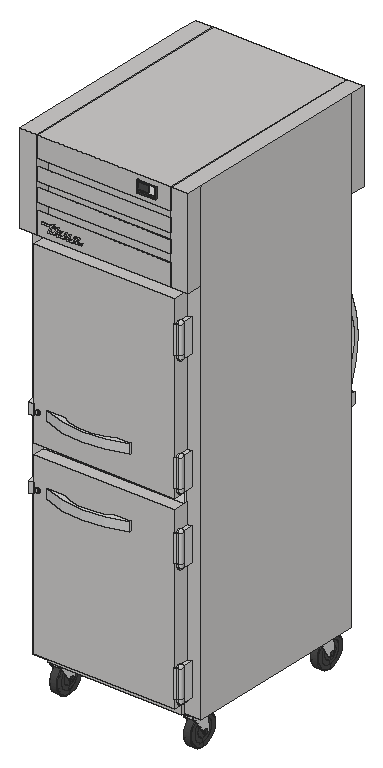
Revit family "QF_TRUE_STG1RPT-2HS-1G-HC", category Specialty Equipment, Revit 2012
Parameters
  Weight in Pounds = 0
  Watts = Volts * FL Amps  # 437 W
  Volts = 115 V
  URL Manufacturer = "www.truemfg.com"
  URL Cutsheet = "www.truemfg.com"
  URL = "www.truemfg.com"
  Type Comments = "www.truemfg.com"
  Status [instance] = ""
  Specification by User [instance] = ""
  Specification by Manufacturer = ""
  Show Seismic Flanged [instance] = no
  Show Logo [instance] = yes
  Show Legs [instance] = no
  Show Clearance [instance] = yes
  Serial Number = ""
  Seismic Rating = ""
  Seismic Plate [instance] = and(Show Seismic Flanged, not(Show Casters))  # no
  SMACNA No = ""
  Revision Code [instance] = ""
  Phase = 1
  Omniclass Number and Title = ""
  Number of Poles [instance] = 1
  NAFEM Spec ID Number = ""
  Model = "STG1RPT-2HS-1G-HC"
  Min Ckt Ampacity = 15 A
  Max Overcurrent Protection = 15 A
  Masterspec = ""
  Manufacturer = "TRUE FOOD SERVICE EQUIPMENT, INC."
  Length = 27 1/2"
  Legs [instance] = or(Show Legs, Show Seismic Flanged)  # no
  Item Number [instance] = ""
  Installed By [instance] = ""
  Identify Quantity as Lot [instance] = yes
  Height = 77 3/4"
  HP = "1/4"
  Furnished By [instance] = ""
  Foodservice Equipment Identifier [instance] = yes
  FL Amps = 3.8 A
  Electrical Remarks [instance] = ""
  Electric Connection Type [instance] = ""
  Elec Conn RI Height [instance] = 0"
  Elec Conn Connection Height [instance] = 0"
  Description = "PASS-THRU SOLID HALF FRONT/GLASS REAR SWING DOORS REFRIGERATOR WITH HYDROCARBON REFRIGERANT WITH LED LIGHTING"
  Depth = 36 1/8"
  Cycle = 60 Hz
  Conn Plug = "5-15P"
  Conn Conduit = yes
  Show Casters [instance] = if(not(Show Legs), not(Show Seismic Flanged), not(Show Legs))  # yes
  CSI MasterFormat = ""
  CSI Master Format = ""
  Apparent Power = if(Phase = 3, Volts * FL Amps * 1.73, Volts * FL Amps)  # 437 VA
Reference planes (in)
  plane 1: z = 0
  plane 2 "LEFT": x = 0
  plane 3 "RIGHT": x = 27.5
  plane 4 "FRONT": y = -33.375
  plane 5 "TOP": z = 84.125
  plane 6: z = 6.125
  plane 7: y = -33.3292
  plane 8: y = 2.75
  plane 9: y = -56.40625
  plane 10: y = 25.78125
Forms (in)
  Extrusion 1, solid, material "QF_Finishes_Stainless Steel"
    sketch origin (0.05, 0, 0) x (1, 0, 0) y (0, 1, 0)
      loop
        line (-0.05, 0) -> (-0.05, -30.625) -> (2.80938, -30.625) -> (2.80938, 0) -> (-0.05, 0)
    from 6.125 to 84.125
  Extrusion 2, solid, material "QF_Finishes_Stainless Steel"
    sketch origin (50.15, 0, 0) x (1, 0, 0) y (0, 1, 0)
      loop
        line (-25.50937, 0) -> (-25.50937, -30.625) -> (-22.65, -30.625) -> (-22.65, 0) -> (-25.50937, 0)
    from 6.125 to 84.125
  Extrusion 3, solid, material "QF_Finishes_Stainless Steel"
    sketch origin (0, 0, 0) x (0, 1, 0) y (0, 0, 1)
      loop
        line (-33.1875, 69.5) -> (-30.625, 69.5) -> (-30.625, 64.75) -> (0, 64.75) -> (0, 69.5) -> (2.5625, 69.5) -> (2.5625, 73.02638) -> (0.59159, 71.625) -> (0.59159, 72.90057) -> (2.5625, 74.30195) -> (2.5625, 76.39816) -> (0.59159, 74.99678) -> (0.59159, 75.95754) -> (2.5625, 77.35892) -> (2.5625, 79.49263) -> (0.59159, 78.09125) -> (0.59159, 79.21352) -> (2.5625, 80.6149) -> (2.5625, 84.125) -> (-33.1875, 84.125) -> (-33.1875, 80.68002) -> (-31.125, 79.21352) -> (-31.125, 78.09125) -> (-33.1875, 79.55776) -> (-33.1875, 77.42405) -> (-31.125, 75.95754) -> (-31.125, 74.99678) -> (-33.1875, 76.46328) -> (-33.1875, 74.36708) -> (-31.125, 72.90057) -> (-31.125, 71.625) -> (-33.1875, 73.09151) -> (-33.1875, 69.5)
      loop
        line (-31, 6.125) -> (0, 6.125) -> (0, 8.94743) -> (-31, 8.94743) -> (-31, 6.125)
    from 2.85938 to 24.64063
  Extrusion 4, solid, material "QF_Finishes_Stainless Steel"
    sketch origin (0.10531, 0, 0) x (1, 0, 0) y (0, 1, 0)
      loop
        line (27.34782, -30.625) -> (24.53532, -30.625) -> (24.53532, -33.1875) -> (27.34782, -33.1875) -> (27.34782, -30.625)
    from 69.5 to 84.125
  Extrusion 5, solid, material "QF_Finishes_Stainless Steel"
    sketch origin (-50.19421, 0, 0.25) x (1, 0, 0) y (0, 1, 0)
      loop
        line (53.05359, -30.625) -> (50.24109, -30.625) -> (50.24109, -33.1875) -> (53.05359, -33.1875) -> (53.05359, -30.625)
    from 69.25 to 83.875
  Extrusion 6, solid, material "QF_Finishes_Handrails and Railings", visible <- "Show Logo"
    sketch origin (0.33478, 1.45673, -6.73143) x (1, 0, 0) y (0, 0, 1)
      loop
        line (3.46044, 78.46231) -> (3.35478, 78.23573) -> (4.76027, 78.23573)
        arc (4.76027, 78.23573) -> (4.78879, 78.18528) -> (4.76027, 78.13484) r 0.05887
        line (4.76027, 78.13484) -> (4.39369, 77.34872)
        arc (4.39369, 77.34872) -> (4.39051, 77.27591) -> (4.43975, 77.22217) r 0.09523
        line (4.43975, 77.22217) -> (5.33844, 77.22217)
        arc (5.33844, 77.22217) -> (5.45192, 77.25795) -> (5.52436, 77.35235) r 0.19785
        line (5.52436, 77.35235) -> (5.81285, 77.97101) -> (6.0779, 77.97101)
        arc (6.0779, 77.97101) -> (6.14744, 77.94543) -> (6.13737, 77.87203) r 0.05911
        line (6.13737, 77.87203) -> (5.89598, 77.35437)
        arc (5.89598, 77.35437) -> (5.89974, 77.2684) -> (5.97231, 77.22217) r 0.09318
        line (5.97231, 77.22217) -> (6.76198, 77.22217)
        arc (6.76198, 77.22217) -> (6.82249, 77.24419) -> (6.85468, 77.29995) r 0.09412
        arc (6.85468, 77.29995) -> (6.87746, 77.24495) -> (6.93246, 77.22217) r 0.07778
        line (6.93246, 77.22217) -> (7.43246, 77.22217)
        arc (7.43246, 77.22217) -> (7.49022, 77.23765) -> (7.53251, 77.27993) r 0.11552
        arc (7.53251, 77.27993) -> (7.55275, 77.23106) -> (7.60162, 77.21081) r 0.06912
        line (7.60162, 77.21081) -> (8.31225, 77.21081)
        arc (8.31225, 77.21081) -> (8.37034, 77.23488) -> (8.39441, 77.29297) r 0.08216
        arc (8.39441, 77.29297) -> (8.44767, 77.23972) -> (8.52042, 77.22022) r 0.14551
        line (8.52042, 77.22022) -> (9.85158, 77.22022) -> (9.99946, 77.47634) -> (8.65678, 77.47634)
        arc (8.65678, 77.47634) -> (8.61972, 77.50204) -> (8.61834, 77.54711) r 0.05009
        line (8.61834, 77.54711) -> (8.64157, 77.59692)
        arc (8.64157, 77.59692) -> (8.67723, 77.64364) -> (8.73327, 77.66135) r 0.09747
        line (8.73327, 77.66135) -> (9.16485, 77.66135)
        arc (9.16485, 77.66135) -> (9.258, 77.68631) -> (9.32619, 77.7545) r 0.1863
        line (9.32619, 77.7545) -> (9.45119, 77.97101)
        arc (9.45119, 77.97101) -> (9.45119, 78.08657) -> (9.35111, 78.14434) r 0.11556
        line (9.35111, 78.14434) -> (8.89562, 78.14434)
        arc (8.89562, 78.14434) -> (8.7795, 78.12462) -> (8.69849, 78.03912) r 0.18605
        line (8.69849, 78.03912) -> (8.48204, 77.57493)
        arc (8.48204, 77.57493) -> (8.41815, 77.49167) -> (8.31806, 77.46011) r 0.1745
        line (8.31806, 77.46011) -> (7.84559, 77.46011)
        arc (7.84559, 77.46011) -> (7.78903, 77.52184) -> (7.79268, 77.60548) r 0.10939
        line (7.79268, 77.60548) -> (8.04395, 78.14434) -> (7.88403, 78.14434) -> (7.61781, 77.57344)
        arc (7.61781, 77.57344) -> (7.56609, 77.50603) -> (7.48505, 77.48048) r 0.14128
        line (7.48505, 77.48048) -> (7.15925, 77.48048)
        arc (7.15925, 77.48048) -> (7.10419, 77.55223) -> (7.116, 77.64189) r 0.11816
        line (7.116, 77.64189) -> (7.3503, 78.14434) -> (7.18514, 78.14434) -> (6.91546, 77.566)
        arc (6.91546, 77.566) -> (6.85285, 77.50339) -> (6.76733, 77.48048) r 0.17104
        line (6.76733, 77.48048) -> (6.29555, 77.48048)
        arc (6.29555, 77.48048) -> (6.21082, 77.51999) -> (6.20267, 77.61313) r 0.0935
        line (6.20267, 77.61313) -> (6.35774, 77.94569) -> (6.57695, 77.94569)
        arc (6.57695, 77.94569) -> (6.61395, 78.05717) -> (6.69267, 78.14434) r 0.2857
        line (6.69267, 78.14434) -> (5.83605, 78.14434)
        arc (5.83605, 78.14434) -> (5.74086, 78.12324) -> (5.67498, 78.05135) r 0.16212
        line (5.67498, 78.05135) -> (5.44279, 77.55341)
        arc (5.44279, 77.55341) -> (5.3894, 77.50002) -> (5.31647, 77.48048) r 0.14586
        line (5.31647, 77.48048) -> (4.80506, 77.48048)
        arc (4.80506, 77.48048) -> (4.76514, 77.53442) -> (4.77274, 77.60109) r 0.09155
        line (4.77274, 77.60109) -> (5.11018, 78.23573) -> (5.96155, 78.23573) -> (6.06721, 78.46231) -> (5.21584, 78.46231) -> (5.32149, 78.68888) -> (5.01862, 78.68888) -> (4.91297, 78.46231) -> (3.46044, 78.46231)
      loop
        arc (8.83805, 77.93863) -> (8.80119, 77.92875) -> (8.7742, 77.90176) r 0.07373
        line (8.7742, 77.90176) -> (8.75229, 77.83436)
        arc (8.75229, 77.83436) -> (8.76245, 77.80983) -> (8.78699, 77.79966) r 0.0347
        line (8.78699, 77.79966) -> (9.15948, 77.79966)
        arc (9.15948, 77.79966) -> (9.18632, 77.80561) -> (9.20812, 77.82234) r 0.0635
        line (9.20812, 77.82234) -> (9.22624, 77.90622)
        arc (9.22624, 77.90622) -> (9.22091, 77.92868) -> (9.20009, 77.93863) r 0.02676
        line (9.20009, 77.93863) -> (8.83805, 77.93863)
    from 34.64423 to 34.83173
  Extrusion 7, solid
    sketch origin (-25.125, 2.6875, 0) x (1, 0, 0) y (0, 0, 1)
      loop
        circle (49.375, 82) r 0.25
    from 0.23221 to 0.125
  Revolve 8, solid, material "QF_Finishes_Black", visible <- "Show Casters"
    sketch origin (22.65625, -27.375, 0) x (1, 0, 0) y (0, 0, 1)
      loop
        line (1.475, 5) -> (1.375, 4.9) -> (1.375, 4.29941) -> (1.53601, 4.29941) -> (1.53601, 3.54941) -> (1.375, 3.54941) -> (1.375, 2.79941) -> (0.975, 2.79941) -> (0.975, 2.5) -> (3.025, 2.5) -> (3.025, 2.79941) -> (2.62908, 2.79941) -> (2.62908, 3.54941) -> (2.46399, 3.54941) -> (2.46399, 4.29941) -> (2.62908, 4.29941) -> (2.62908, 4.89592) -> (2.525, 5) -> (1.475, 5)
      axis (3.025, 2.5) -> (0.975, 2.5)
    angle from 0 to 360
  Extrusion 9, solid, material "QF_Finishes_Handrails and Railings", visible <- "Show Casters"
    sketch origin (22.65625, 0, 0) x (0, 1, 0) y (0, 0, 1)
      loop
        line (-29.57636, 5.48574) -> (-29.57636, 4.88089) -> (-29.32636, 4.88089) -> (-27.57716, 2.18736)
        arc (-27.57716, 2.18736) -> (-26.86383, 1.94868) -> (-26.47081, 2.59003) r 0.60416
        line (-26.47081, 2.59003) -> (-26.82636, 5.48574) -> (-29.57636, 5.48574)
      loop
        line (-4.07645, 5.48574) -> (-4.07645, 4.88089) -> (-3.82645, 4.88089) -> (-2.07725, 2.18736)
        arc (-2.07725, 2.18736) -> (-1.36392, 1.94868) -> (-0.9709, 2.59003) r 0.60416
        line (-0.9709, 2.59003) -> (-1.32645, 5.48574) -> (-4.07645, 5.48574)
    from 1.175 to 1.325
  Extrusion 10, solid, material "QF_Finishes_Handrails and Railings", visible <- "Show Casters"
    sketch origin (24.15625, 0, 0) x (0, 1, 0) y (0, 0, 1)
      loop
        line (-29.57636, 5.48574) -> (-29.57636, 4.88089) -> (-29.32636, 4.88089) -> (-27.57716, 2.18736)
        arc (-27.57716, 2.18736) -> (-26.86383, 1.94868) -> (-26.47081, 2.59003) r 0.60416
        line (-26.47081, 2.59003) -> (-26.82636, 5.48574) -> (-29.57636, 5.48574)
      loop
        line (-4.07645, 5.48574) -> (-4.07645, 4.88089) -> (-3.82645, 4.88089) -> (-2.07725, 2.18736)
        arc (-2.07725, 2.18736) -> (-1.36392, 1.94868) -> (-0.9709, 2.59003) r 0.60416
        line (-0.9709, 2.59003) -> (-1.32645, 5.48574) -> (-4.07645, 5.48574)
    from 1.175 to 1.325
  Revolve 11, solid, material "QF_Finishes_Chrome - Satin", visible <- "Show Casters"
    sketch origin (22.65625, -28.5625, -0.5) x (1, 0, 0) y (0, 0, 1)
      loop
        line (2, 5.99546) -> (2, 6.62359) -> (0.70293, 6.62359) -> (0.70293, 5.99546) -> (2, 5.99546)
      axis (2, 5.99546) -> (2, 6.62359)
    angle from 0 to 360
  Revolve 12, solid, material "QF_Finishes_Chrome - Satin", visible <- "Legs"
    sketch origin (22.65625, -2.69102, 0) x (1, 0, 0) y (0, 0, 1)
      loop
        line (2, 6.125) -> (0.66662, 6.125) -> (1.25, 1) -> (1.5, 1) -> (1.5, 0) -> (2, 0) -> (2, 6.125)
      axis (2, 0) -> (2, 6.125)
    angle from 0 to 360
  Revolve 13, solid, material "QF_Finishes_Chrome - Satin", visible <- "Legs"
    sketch origin (22.65625, -28.65977, 0) x (1, 0, 0) y (0, 0, 1)
      loop
        line (2, 6.125) -> (0.66662, 6.125) -> (1.25, 1) -> (1.5, 1) -> (1.5, 0) -> (2, 0) -> (2, 6.125)
      axis (2, 0) -> (2, 6.125)
    angle from 0 to 360
  Revolve 14, solid, material "QF_Finishes_Chrome - Satin", visible <- "Show Casters"
    sketch origin (22.65625, -2.70321, -0.5) x (1, 0, 0) y (0, 0, 1)
      loop
        line (2, 5.99546) -> (2, 6.62359) -> (0.70293, 6.62359) -> (0.70293, 5.99546) -> (2, 5.99546)
      axis (2, 5.99546) -> (2, 6.62359)
    angle from 0 to 360
  Extrusion 15, solid, material "QF_Finishes_Handrails and Railings", visible <- "Show Casters"
    sketch origin (-25.125, 0, 0) x (0, 1, 0) y (0, 0, 1)
      loop
        line (-29.57636, 5.48574) -> (-29.57636, 4.88089) -> (-29.32636, 4.88089) -> (-26.79033, 5.19227) -> (-26.82636, 5.48574) -> (-29.57636, 5.48574)
      loop
        line (-4.07645, 5.48574) -> (-4.07645, 4.88089) -> (-3.82645, 4.88089) -> (-1.29042, 5.19227) -> (-1.32645, 5.48574) -> (-4.07645, 5.48574)
    from 49.10625 to 50.45625
  Revolve 16, solid, material "QF_Finishes_Black", visible <- "Show Casters"
    sketch origin (0.84375, -27.375, 0) x (1, 0, 0) y (0, 0, 1)
      loop
        line (1.475, 5) -> (1.375, 4.9) -> (1.375, 4.29941) -> (1.53601, 4.29941) -> (1.53601, 3.54941) -> (1.375, 3.54941) -> (1.375, 2.79941) -> (0.975, 2.79941) -> (0.975, 2.5) -> (3.025, 2.5) -> (3.025, 2.79941) -> (2.62908, 2.79941) -> (2.62908, 3.54941) -> (2.46399, 3.54941) -> (2.46399, 4.29941) -> (2.62908, 4.29941) -> (2.62908, 4.89592) -> (2.525, 5) -> (1.475, 5)
      axis (3.025, 2.5) -> (0.975, 2.5)
    angle from 0 to 360
  Extrusion 17, solid, material "QF_Finishes_Handrails and Railings", visible <- "Show Casters"
    sketch origin (0.84375, 0, 0) x (0, 1, 0) y (0, 0, 1)
      loop
        line (-29.57636, 5.48574) -> (-29.57636, 4.88089) -> (-29.32636, 4.88089) -> (-27.57716, 2.18736)
        arc (-27.57716, 2.18736) -> (-26.86383, 1.94868) -> (-26.47081, 2.59003) r 0.60416
        line (-26.47081, 2.59003) -> (-26.82636, 5.48574) -> (-29.57636, 5.48574)
      loop
        line (-4.07645, 5.48574) -> (-4.07645, 4.88089) -> (-3.82645, 4.88089) -> (-2.07725, 2.18736)
        arc (-2.07725, 2.18736) -> (-1.36392, 1.94868) -> (-0.9709, 2.59003) r 0.60416
        line (-0.9709, 2.59003) -> (-1.32645, 5.48574) -> (-4.07645, 5.48574)
    from 1.175 to 1.325
  Extrusion 18, solid, material "QF_Finishes_Handrails and Railings", visible <- "Show Casters"
    sketch origin (2.34375, 0, 0) x (0, 1, 0) y (0, 0, 1)
      loop
        line (-29.57636, 5.48574) -> (-29.57636, 4.88089) -> (-29.32636, 4.88089) -> (-27.57716, 2.18736)
        arc (-27.57716, 2.18736) -> (-26.86383, 1.94868) -> (-26.47081, 2.59003) r 0.60416
        line (-26.47081, 2.59003) -> (-26.82636, 5.48574) -> (-29.57636, 5.48574)
      loop
        line (-4.07645, 5.48574) -> (-4.07645, 4.88089) -> (-3.82645, 4.88089) -> (-2.07725, 2.18736)
        arc (-2.07725, 2.18736) -> (-1.36392, 1.94868) -> (-0.9709, 2.59003) r 0.60416
        line (-0.9709, 2.59003) -> (-1.32645, 5.48574) -> (-4.07645, 5.48574)
    from 1.175 to 1.325
  Revolve 19, solid, material "QF_Finishes_Chrome - Satin", visible <- "Show Casters"
    sketch origin (0.84375, -28.5625, -0.5) x (1, 0, 0) y (0, 0, 1)
      loop
        line (2, 5.99546) -> (2, 6.62359) -> (0.70293, 6.62359) -> (0.70293, 5.99546) -> (2, 5.99546)
      axis (2, 5.99546) -> (2, 6.62359)
    angle from 0 to 360
  Revolve 20, solid, material "QF_Finishes_Chrome - Satin", visible <- "Legs"
    sketch origin (0.84375, -2.69102, 0) x (1, 0, 0) y (0, 0, 1)
      loop
        line (2, 6.125) -> (0.66662, 6.125) -> (1.25, 1) -> (1.5, 1) -> (1.5, 0) -> (2, 0) -> (2, 6.125)
      axis (2, 0) -> (2, 6.125)
    angle from 0 to 360
  Revolve 21, solid, material "QF_Finishes_Chrome - Satin", visible <- "Legs"
    sketch origin (0.84375, -28.65977, 0) x (1, 0, 0) y (0, 0, 1)
      loop
        line (2, 6.125) -> (0.66662, 6.125) -> (1.25, 1) -> (1.5, 1) -> (1.5, 0) -> (2, 0) -> (2, 6.125)
      axis (2, 0) -> (2, 6.125)
    angle from 0 to 360
  Revolve 22, solid, material "QF_Finishes_Chrome - Satin", visible <- "Show Casters"
    sketch origin (0.84375, -2.70321, -0.5) x (1, 0, 0) y (0, 0, 1)
      loop
        line (2, 5.99546) -> (2, 6.62359) -> (0.70293, 6.62359) -> (0.70293, 5.99546) -> (2, 5.99546)
      axis (2, 5.99546) -> (2, 6.62359)
    angle from 0 to 360
  Extrusion 23, solid, material "QF_Finishes_Handrails and Railings", visible <- "Show Casters"
    sketch origin (-46.9375, 0, 0) x (0, 1, 0) y (0, 0, 1)
      loop
        line (-29.57636, 5.48574) -> (-29.57636, 4.88089) -> (-29.32636, 4.88089) -> (-26.79033, 5.19227) -> (-26.82636, 5.48574) -> (-29.57636, 5.48574)
      loop
        line (-4.07645, 5.48574) -> (-4.07645, 4.88089) -> (-3.82645, 4.88089) -> (-1.29042, 5.19227) -> (-1.32645, 5.48574) -> (-4.07645, 5.48574)
    from 49.10625 to 50.45625
  Extrusion 24, solid, material "QF_Finishes_Stainless Steel"
    sketch origin (-25.125, -31.3292, -0.71875) x (1, 0, 0) y (0, 0, -1)
      loop
        line (27.40625, -68.6875) -> (50.34375, -68.6875) -> (50.34375, -8.75) -> (27.40625, -8.75) -> (27.40625, -68.6875)
      loop
        line (30.75, -12.09375) -> (30.75, -65.34375) -> (47, -65.34375) -> (47, -12.09375) -> (30.75, -12.09375)
    from 31.3292 to 33.8917
  Extrusion 25, solid, material "Glass"
    sketch origin (-25.125, -31.3292, -0.71875) x (1, 0, 0) y (0, 0, -1)
      loop
        line (47, -12.09375) -> (30.75, -12.09375) -> (30.75, -65.34375) -> (47, -65.34375) -> (47, -12.09375)
    from 31.3292 to 33.8917
  Extrusion 26, solid, material "QF_Finishes_Stainless Steel"
    sketch origin (0.10531, -31.3292, 0) x (1, 0, 0) y (0, 1, 0)
      loop
        line (27.34782, 31.3292) -> (27.34782, 33.8917) -> (24.53532, 33.8917) -> (24.53532, 31.3292) -> (27.34782, 31.3292)
    from 69.5 to 84.125
  Extrusion 27, solid, material "QF_Finishes_Stainless Steel"
    sketch origin (-50.19421, -31.3292, 0.25) x (1, 0, 0) y (0, 1, 0)
      loop
        line (53.05359, 31.3292) -> (53.05359, 33.8917) -> (50.24109, 33.8917) -> (50.24109, 31.3292) -> (53.05359, 31.3292)
    from 69.25 to 83.875
  Extrusion 28, solid, material "QF_Finishes_Handrails and Railings"
    sketch origin (1.28125, -31.48479, 0) x (0, -1, 0) y (0, 0, -1)
      loop
        line (-31.48479, -64.55229) -> (-31.48479, -59.23627) -> (-33.625, -59.23627) -> (-33.625, -59.94848) -> (-33.18997, -59.94848) -> (-33.18997, -64.34776)
        arc (-33.18997, -64.34776) -> (-33.13006, -64.49238) -> (-32.98544, -64.55229) r 0.20453
        line (-32.98544, -64.55229) -> (-31.48479, -64.55229)
    from 0.17506 to 1
  Revolve 29, solid, material "QF_Finishes_Handrails and Railings"
    sketch origin (1.78125, -31.48479, 0) x (0, -1, 0) y (0, 0, -1)
      loop
        line (-33.64063, -60.00189) -> (-34.04729, -60.00189) -> (-34.04729, -64.4736)
        arc (-34.04729, -64.4736) -> (-33.91222, -64.72557) -> (-33.64063, -64.81483) r 0.3848
        line (-33.64063, -64.81483) -> (-33.64063, -60.00189)
      loop
        line (-33.64063, -59.94848) -> (-33.64063, -59.04781)
        arc (-33.64063, -59.04781) -> (-33.90764, -59.13383) -> (-34.04729, -59.37712) r 0.38884
        line (-34.04729, -59.37712) -> (-34.04729, -59.94848) -> (-33.64063, -59.94848)
      axis (-33.64063, -59.04781) -> (-33.64063, -64.81483)
    angle from 0 to 360
  Extrusion 30, solid, material "QF_Finishes_Handrails and Railings"
    sketch origin (-0.03125, -31.48479, 0) x (1, 0, 0) y (0, 0, -1)
      loop
        line (1.91491, -64.4736) -> (2.3125, -64.4736) -> (2.3125, -60.00079) -> (1.91491, -60.00079) -> (1.91491, -64.4736)
    from 33.18997 to 33.98479
  Extrusion 31, solid, material "QF_Finishes_Handrails and Railings"
    sketch origin (1.28125, -31.48479, -19.5) x (0, -1, 0) y (0, 0, -1)
      loop
        line (-31.48479, -64.55229) -> (-31.48479, -59.23627) -> (-33.625, -59.23627) -> (-33.625, -59.94848) -> (-33.18997, -59.94848) -> (-33.18997, -64.34776)
        arc (-33.18997, -64.34776) -> (-33.13006, -64.49238) -> (-32.98544, -64.55229) r 0.20453
        line (-32.98544, -64.55229) -> (-31.48479, -64.55229)
    from 0.17506 to 1
  Revolve 32, solid, material "QF_Finishes_Handrails and Railings"
    sketch origin (1.78125, -31.48479, -19.5) x (0, -1, 0) y (0, 0, -1)
      loop
        line (-33.64063, -60.00189) -> (-34.04729, -60.00189) -> (-34.04729, -64.4736)
        arc (-34.04729, -64.4736) -> (-33.91222, -64.72557) -> (-33.64063, -64.81483) r 0.3848
        line (-33.64063, -64.81483) -> (-33.64063, -60.00189)
      loop
        line (-33.64063, -59.94848) -> (-33.64063, -59.04781)
        arc (-33.64063, -59.04781) -> (-33.90764, -59.13383) -> (-34.04729, -59.37712) r 0.38884
        line (-34.04729, -59.37712) -> (-34.04729, -59.94848) -> (-33.64063, -59.94848)
      axis (-33.64063, -59.04781) -> (-33.64063, -64.81483)
    angle from 0 to 360
  Extrusion 33, solid, material "QF_Finishes_Handrails and Railings"
    sketch origin (-0.03125, -31.48479, -19.5) x (1, 0, 0) y (0, 0, -1)
      loop
        line (1.91491, -64.4736) -> (2.3125, -64.4736) -> (2.3125, -60.00079) -> (1.91491, -60.00079) -> (1.91491, -64.4736)
    from 33.18997 to 33.98479
  Extrusion 34, solid, material "QF_Finishes_Handrails and Railings"
    sketch origin (1.28125, -31.48479, -30.5) x (0, -1, 0) y (0, 0, -1)
      loop
        line (-31.48479, -64.55229) -> (-31.48479, -59.23627) -> (-33.625, -59.23627) -> (-33.625, -59.94848) -> (-33.18997, -59.94848) -> (-33.18997, -64.34776)
        arc (-33.18997, -64.34776) -> (-33.13006, -64.49238) -> (-32.98544, -64.55229) r 0.20453
        line (-32.98544, -64.55229) -> (-31.48479, -64.55229)
    from 0.17506 to 1
  Revolve 35, solid, material "QF_Finishes_Handrails and Railings"
    sketch origin (1.78125, -31.48479, -30.5) x (0, -1, 0) y (0, 0, -1)
      loop
        line (-33.64063, -60.00189) -> (-34.04729, -60.00189) -> (-34.04729, -64.4736)
        arc (-34.04729, -64.4736) -> (-33.91222, -64.72557) -> (-33.64063, -64.81483) r 0.3848
        line (-33.64063, -64.81483) -> (-33.64063, -60.00189)
      loop
        line (-33.64063, -59.94848) -> (-33.64063, -59.04781)
        arc (-33.64063, -59.04781) -> (-33.90764, -59.13383) -> (-34.04729, -59.37712) r 0.38884
        line (-34.04729, -59.37712) -> (-34.04729, -59.94848) -> (-33.64063, -59.94848)
      axis (-33.64063, -59.04781) -> (-33.64063, -64.81483)
    angle from 0 to 360
  Extrusion 36, solid, material "QF_Finishes_Handrails and Railings"
    sketch origin (-0.03125, -31.48479, -30.5) x (1, 0, 0) y (0, 0, -1)
      loop
        line (1.91491, -64.4736) -> (2.3125, -64.4736) -> (2.3125, -60.00079) -> (1.91491, -60.00079) -> (1.91491, -64.4736)
    from 33.18997 to 33.98479
  Extrusion 37, solid, material "QF_Finishes_Handrails and Railings"
    sketch origin (1.28125, -31.48479, -50.25) x (0, -1, 0) y (0, 0, -1)
      loop
        line (-31.48479, -64.55229) -> (-31.48479, -59.19743) -> (-33.625, -59.19743) -> (-33.625, -59.94848) -> (-33.18997, -59.94848) -> (-33.18997, -64.34776)
        arc (-33.18997, -64.34776) -> (-33.13006, -64.49238) -> (-32.98544, -64.55229) r 0.20453
        line (-32.98544, -64.55229) -> (-31.48479, -64.55229)
    from 0.17506 to 1
  Revolve 38, solid, material "QF_Finishes_Handrails and Railings"
    sketch origin (1.78125, -31.48479, -50.25) x (0, -1, 0) y (0, 0, -1)
      loop
        line (-33.64063, -60.00189) -> (-34.04729, -60.00189) -> (-34.04729, -64.4736)
        arc (-34.04729, -64.4736) -> (-33.91222, -64.72557) -> (-33.64063, -64.81483) r 0.3848
        line (-33.64063, -64.81483) -> (-33.64063, -60.00189)
      loop
        line (-33.64063, -59.94848) -> (-33.64063, -59.04781)
        arc (-33.64063, -59.04781) -> (-33.90764, -59.13383) -> (-34.04729, -59.37712) r 0.38884
        line (-34.04729, -59.37712) -> (-34.04729, -59.94848) -> (-33.64063, -59.94848)
      axis (-33.64063, -59.04781) -> (-33.64063, -64.81483)
    angle from 0 to 360
  Extrusion 39, solid, material "QF_Finishes_Handrails and Railings"
    sketch origin (-0.03125, -31.48479, -50.25) x (1, 0, 0) y (0, 0, -1)
      loop
        line (1.91491, -64.4736) -> (2.3125, -64.4736) -> (2.3125, -60.00079) -> (1.91491, -60.00079) -> (1.91491, -64.4736)
    from 33.18997 to 33.98479
  Extrusion 40, solid, material "QF_Finishes_Handrails and Railings"
    sketch origin (36.03356, -31.30033, 93.525) x (0, -1, 0) y (0, 0, 1)
      loop
        line (-33.86283, -54.15) -> (-33.86283, -51.7715)
        arc (-33.86283, -51.7715) -> (-35.06679, -47.2125) -> (-33.86283, -42.6535) r 9.2337
        line (-33.86283, -42.6535) -> (-33.86283, -40.275) -> (-34.075, -40.275)
        arc (-34.075, -40.275) -> (-35.51908, -47.2125) -> (-34.075, -54.15) r 17.38623
        line (-34.075, -54.15) -> (-33.86283, -54.15)
    from 10.87731 to 12.37731
  Extrusion 41, solid, material "QF_Finishes_Handrails and Railings"
    sketch origin (50.84375, -31.48479, -2.0625) x (-1, 0, 0) y (0, 0, 1)
      loop
        circle (26.4375, 40.0625) r 0.35
      loop
        line (26.47265, 40.33635) -> (26.41715, 40.33635) -> (26.41715, 39.76895) -> (26.47265, 39.76895) -> (26.47265, 40.33635)
    from 34.04729 to 34.10979
  Blend 42, solid, material "QF_Finishes_Handrails and Railings"
    base sketch origin (-0.03125, -31.48479, -0.0625) x (1, 0, 0) y (0, 0, -1)
      loop
        line (25.25, -38.99169) -> (26, -38.99169) -> (26, -37.24169) -> (25.25, -37.24169) -> (25.25, -38.99169)
    top sketch origin (-0.03125, -31.48479, -0.0625) x (1, 0, 0) y (0, 0, -1)
      loop
        line (26.18223, -36.6441) -> (25.25, -36.6441) -> (25.25, -39.42643) -> (26.18223, -39.42643) -> (26.18223, -36.6441)
    from 34.04729 to 31.48479
  Extrusion 43, solid, material "QF_Finishes_Stainless Steel"
    sketch origin (-25.125, 0.375, -0.8125) x (1, 0, 0) y (0, 0, 1)
      loop
        line (27.40625, 68.78125) -> (27.40625, 39.65625) -> (50.34375, 39.65625) -> (50.34375, 68.78125) -> (27.40625, 68.78125)
      loop
        line (27.40625, 8.84375) -> (50.34375, 8.84375) -> (50.34375, 37.96875) -> (27.40625, 37.96875) -> (27.40625, 8.84375)
    from 31 to 33.5625
  Extrusion 44, solid, material "QF_Finishes_Handrails and Railings"
    sketch origin (26.21875, 0.10979, -0.09375) x (0, 1, 0) y (0, 0, -1)
      loop
        line (-30.73479, -64.55229) -> (-30.73479, -59.23627) -> (-32.875, -59.23627) -> (-32.875, -59.94848) -> (-32.43997, -59.94848) -> (-32.43997, -64.34776)
        arc (-32.43997, -64.34776) -> (-32.38006, -64.49238) -> (-32.23544, -64.55229) r 0.20453
        line (-32.23544, -64.55229) -> (-30.73479, -64.55229)
    from 0.17506 to 1
  Revolve 45, solid, material "QF_Finishes_Handrails and Railings"
    sketch origin (25.71875, 0.29729, -0.09375) x (0, 1, 0) y (0, 0, -1)
      loop
        line (-32.89063, -60.00189) -> (-33.29729, -60.00189) -> (-33.29729, -64.4736)
        arc (-33.29729, -64.4736) -> (-33.16222, -64.72557) -> (-32.89063, -64.81483) r 0.3848
        line (-32.89063, -64.81483) -> (-32.89063, -60.00189)
      loop
        line (-32.89063, -59.94848) -> (-32.89063, -59.04781)
        arc (-32.89063, -59.04781) -> (-33.15764, -59.13383) -> (-33.29729, -59.37712) r 0.38884
        line (-33.29729, -59.37712) -> (-33.29729, -59.94848) -> (-32.89063, -59.94848)
      axis (-32.89063, -59.04781) -> (-32.89063, -64.81483)
    angle from 0 to 360
  Extrusion 46, solid, material "QF_Finishes_Handrails and Railings"
    sketch origin (27.53125, 0.29729, -0.09375) x (-1, 0, 0) y (0, 0, -1)
      loop
        line (1.91491, -64.4736) -> (2.3125, -64.4736) -> (2.3125, -60.00079) -> (1.91491, -60.00079) -> (1.91491, -64.4736)
    from 32.81497 to 33.59495
  Extrusion 47, solid, material "QF_Finishes_Handrails and Railings"
    sketch origin (26.21875, 0.10979, -19.59375) x (0, 1, 0) y (0, 0, -1)
      loop
        line (-30.73479, -64.55229) -> (-30.73479, -59.23627) -> (-32.875, -59.23627) -> (-32.875, -59.94848) -> (-32.43997, -59.94848) -> (-32.43997, -64.34776)
        arc (-32.43997, -64.34776) -> (-32.38006, -64.49238) -> (-32.23544, -64.55229) r 0.20453
        line (-32.23544, -64.55229) -> (-30.73479, -64.55229)
    from 0.17506 to 1
  Revolve 48, solid, material "QF_Finishes_Handrails and Railings"
    sketch origin (25.71875, 0.29729, -19.59375) x (0, 1, 0) y (0, 0, -1)
      loop
        line (-32.89063, -60.00189) -> (-33.29729, -60.00189) -> (-33.29729, -64.4736)
        arc (-33.29729, -64.4736) -> (-33.16222, -64.72557) -> (-32.89063, -64.81483) r 0.3848
        line (-32.89063, -64.81483) -> (-32.89063, -60.00189)
      loop
        line (-32.89063, -59.94848) -> (-32.89063, -59.04781)
        arc (-32.89063, -59.04781) -> (-33.15764, -59.13383) -> (-33.29729, -59.37712) r 0.38884
        line (-33.29729, -59.37712) -> (-33.29729, -59.94848) -> (-32.89063, -59.94848)
      axis (-32.89063, -59.04781) -> (-32.89063, -64.81483)
    angle from 0 to 360
  Extrusion 49, solid, material "QF_Finishes_Handrails and Railings"
    sketch origin (27.53125, 0.29729, -19.59375) x (-1, 0, 0) y (0, 0, -1)
      loop
        line (1.91491, -64.4736) -> (2.3125, -64.4736) -> (2.3125, -60.00079) -> (1.91491, -60.00079) -> (1.91491, -64.4736)
    from 32.81497 to 33.59495
  Extrusion 50, solid, material "QF_Finishes_Handrails and Railings"
    sketch origin (26.21875, 0.10979, -30.59375) x (0, 1, 0) y (0, 0, -1)
      loop
        line (-30.73479, -64.55229) -> (-30.73479, -59.23627) -> (-32.875, -59.23627) -> (-32.875, -59.94848) -> (-32.43997, -59.94848) -> (-32.43997, -64.34776)
        arc (-32.43997, -64.34776) -> (-32.38006, -64.49238) -> (-32.23544, -64.55229) r 0.20453
        line (-32.23544, -64.55229) -> (-30.73479, -64.55229)
    from 0.17506 to 1
  Revolve 51, solid, material "QF_Finishes_Handrails and Railings"
    sketch origin (25.71875, 0.29729, -30.59375) x (0, 1, 0) y (0, 0, -1)
      loop
        line (-32.89063, -60.00189) -> (-33.29729, -60.00189) -> (-33.29729, -64.4736)
        arc (-33.29729, -64.4736) -> (-33.16222, -64.72557) -> (-32.89063, -64.81483) r 0.3848
        line (-32.89063, -64.81483) -> (-32.89063, -60.00189)
      loop
        line (-32.89063, -59.94848) -> (-32.89063, -59.04781)
        arc (-32.89063, -59.04781) -> (-33.15764, -59.13383) -> (-33.29729, -59.37712) r 0.38884
        line (-33.29729, -59.37712) -> (-33.29729, -59.94848) -> (-32.89063, -59.94848)
      axis (-32.89063, -59.04781) -> (-32.89063, -64.81483)
    angle from 0 to 360
  Extrusion 52, solid, material "QF_Finishes_Handrails and Railings"
    sketch origin (27.53125, 0.29729, -30.59375) x (-1, 0, 0) y (0, 0, -1)
      loop
        line (1.91491, -64.4736) -> (2.3125, -64.4736) -> (2.3125, -60.00079) -> (1.91491, -60.00079) -> (1.91491, -64.4736)
    from 32.81497 to 33.59495
  Extrusion 53, solid, material "QF_Finishes_Handrails and Railings"
    sketch origin (26.21875, 0.10979, -50.34375) x (0, 1, 0) y (0, 0, -1)
      loop
        line (-30.73479, -64.55229) -> (-30.73479, -59.23627) -> (-32.875, -59.23627) -> (-32.875, -59.94848) -> (-32.43997, -59.94848) -> (-32.43997, -64.34776)
        arc (-32.43997, -64.34776) -> (-32.38006, -64.49238) -> (-32.23544, -64.55229) r 0.20453
        line (-32.23544, -64.55229) -> (-30.73479, -64.55229)
    from 0.17506 to 1
  Revolve 54, solid, material "QF_Finishes_Handrails and Railings"
    sketch origin (25.71875, 0.29729, -50.34375) x (0, 1, 0) y (0, 0, -1)
      loop
        line (-32.89063, -60.00189) -> (-33.29729, -60.00189) -> (-33.29729, -64.4736)
        arc (-33.29729, -64.4736) -> (-33.16222, -64.72557) -> (-32.89063, -64.81483) r 0.3848
        line (-32.89063, -64.81483) -> (-32.89063, -60.00189)
      loop
        line (-32.89063, -59.94848) -> (-32.89063, -59.04781)
        arc (-32.89063, -59.04781) -> (-33.15764, -59.13383) -> (-33.29729, -59.37712) r 0.38884
        line (-33.29729, -59.37712) -> (-33.29729, -59.94848) -> (-32.89063, -59.94848)
      axis (-32.89063, -59.04781) -> (-32.89063, -64.81483)
    angle from 0 to 360
  Extrusion 55, solid, material "QF_Finishes_Handrails and Railings"
    sketch origin (27.53125, 0.29729, -50.34375) x (-1, 0, 0) y (0, 0, -1)
      loop
        line (1.91491, -64.4736) -> (2.3125, -64.4736) -> (2.3125, -60.00079) -> (1.91491, -60.00079) -> (1.91491, -64.4736)
    from 32.81497 to 33.59495
  Extrusion 56, solid, material "QF_Finishes_Handrails and Railings"
    sketch origin (-23.34375, 0.29729, 72.375) x (1, 0, 0) y (0, 0, 1)
      loop
        circle (26.4375, -40.0625) r 0.35
      loop
        line (26.47265, -40.33635) -> (26.47265, -39.76895) -> (26.41715, -39.76895) -> (26.41715, -40.33635) -> (26.47265, -40.33635)
    from 33.67229 to 33.73479
  Blend 57, solid, material "QF_Finishes_Handrails and Railings"
    base sketch origin (27.53125, 0.48479, 70.375) x (-1, 0, 0) y (0, 0, -1)
      loop
        line (25.25, 38.99169) -> (25.25, 37.24169) -> (26, 37.24169) -> (26, 38.99169) -> (25.25, 38.99169)
    top sketch origin (27.53125, 0.48479, 70.375) x (-1, 0, 0) y (0, 0, -1)
      loop
        line (26.18223, 36.6441) -> (26.18223, 39.42643) -> (25.25, 39.42643) -> (25.25, 36.6441) -> (26.18223, 36.6441)
    from 33.67229 to 31.10979
  Extrusion 58, solid, material "QF_Finishes_Handrails and Railings"
    sketch origin (58.4375, -0.0747, 20.68519) x (1, 0, 0) y (0, 1, 0)
      loop
        line (-53.875, -33.1128) -> (-53.875, -33.325)
        arc (-53.875, -33.325) -> (-47.075, -34.76905) -> (-40.275, -33.325) r 16.7325
        line (-40.275, -33.325) -> (-40.275, -33.1128) -> (-42.65351, -33.1128)
        arc (-42.65351, -33.1128) -> (-47.075, -34.28316) -> (-51.49649, -33.1128) r 8.93715
        line (-51.49649, -33.1128) -> (-53.875, -33.1128)
    from 10.87731 to 12.37731
  Extrusion 59, solid, material "QF_Finishes_Chrome - Satin"
    sketch origin (0, 0.1875, -0.46875) x (1, 0, 0) y (0, 0, 1)
      loop
        line (2.28125, 39.3125) -> (2.28125, 37.625) -> (25.21875, 37.625) -> (25.21875, 39.3125) -> (2.28125, 39.3125)
    from 31 to 31.25
  Extrusion 60, solid, material "QF_Finishes_White"
    sketch origin (-23.16691, 1.43876, 1.58022) x (1, 0, 0) y (0, 0, 1)
      loop
        line (42.50482, 81.73227) -> (42.50482, 79.98496) -> (45.41107, 79.98496) -> (45.41107, 81.73227) -> (42.50482, 81.73227)
    from 34.62626 to 34.72001
  Extrusion 61, solid, material "QF_Finishes_Black"
    sketch origin (-23.16691, 1.43876, 1.58022) x (1, 0, 0) y (0, 0, 1)
      loop
        line (45.47357, 81.79477) -> (42.44232, 81.79477) -> (42.44232, 79.92246) -> (45.47357, 79.92246) -> (45.47357, 81.79477)
      loop
        spline (42.64232, 80.25372) -> (42.65083, 80.23754) -> (42.67581, 80.22247) -> (42.71554, 80.20952) -> (42.76732, 80.19959) -> (42.82761, 80.19335) -> (42.89232, 80.19122) -> (42.95702, 80.19335) -> (43.01732, 80.19959) -> (43.06909, 80.20952) -> (43.10882, 80.22247) -> (43.1338, 80.23754) -> (43.14232, 80.25372)
        spline (43.14232, 80.25372) -> (43.1338, 80.26989) -> (43.10882, 80.28497) -> (43.06909, 80.29791) -> (43.01732, 80.30784) -> (42.95702, 80.31409) -> (42.89232, 80.31622) -> (42.82761, 80.31409) -> (42.76732, 80.30784) -> (42.71554, 80.29791) -> (42.67581, 80.28497) -> (42.65083, 80.26989) -> (42.64232, 80.25372)
      loop
        spline (43.33833, 80.25372) -> (43.34685, 80.23754) -> (43.37182, 80.22247) -> (43.41155, 80.20952) -> (43.46333, 80.19959) -> (43.52362, 80.19335) -> (43.58833, 80.19122) -> (43.65303, 80.19335) -> (43.71333, 80.19959) -> (43.76511, 80.20952) -> (43.80484, 80.22247) -> (43.82981, 80.23754) -> (43.83833, 80.25372)
        spline (43.83833, 80.25372) -> (43.82981, 80.26989) -> (43.80484, 80.28497) -> (43.76511, 80.29791) -> (43.71333, 80.30784) -> (43.65303, 80.31409) -> (43.58833, 80.31622) -> (43.52362, 80.31409) -> (43.46333, 80.30784) -> (43.41155, 80.29791) -> (43.37182, 80.28497) -> (43.34685, 80.26989) -> (43.33833, 80.25372)
      loop
        spline (44.08833, 80.25372) -> (44.09685, 80.23754) -> (44.12182, 80.22247) -> (44.16155, 80.20952) -> (44.21333, 80.19959) -> (44.27362, 80.19335) -> (44.33833, 80.19122) -> (44.40303, 80.19335) -> (44.46333, 80.19959) -> (44.51511, 80.20952) -> (44.55484, 80.22247) -> (44.57981, 80.23754) -> (44.58833, 80.25372)
        spline (44.58833, 80.25372) -> (44.57981, 80.26989) -> (44.55484, 80.28497) -> (44.51511, 80.29791) -> (44.46333, 80.30784) -> (44.40303, 80.31409) -> (44.33833, 80.31622) -> (44.27362, 80.31409) -> (44.21333, 80.30784) -> (44.16155, 80.29791) -> (44.12182, 80.28497) -> (44.09685, 80.26989) -> (44.08833, 80.25372)
      loop
        line (42.64231, 81.59478) -> (42.64231, 80.59478) -> (44.34183, 80.59478) -> (44.34183, 81.59478) -> (42.64231, 81.59478)
      loop
        line (45.41107, 81.73227) -> (42.50482, 81.73227) -> (42.50482, 79.98496) -> (45.41107, 79.98496) -> (45.41107, 81.73227)
      loop
        spline (44.83833, 80.25372) -> (44.84685, 80.23754) -> (44.87182, 80.22247) -> (44.91155, 80.20952) -> (44.96333, 80.19959) -> (45.02362, 80.19335) -> (45.08833, 80.19122) -> (45.15303, 80.19335) -> (45.21333, 80.19959) -> (45.26511, 80.20952) -> (45.30484, 80.22247) -> (45.32981, 80.23754) -> (45.33833, 80.25372)
        spline (45.33833, 80.25372) -> (45.32981, 80.26989) -> (45.30484, 80.28497) -> (45.26511, 80.29791) -> (45.21333, 80.30784) -> (45.15303, 80.31409) -> (45.08833, 80.31622) -> (45.02362, 80.31409) -> (44.96333, 80.30784) -> (44.91155, 80.29791) -> (44.87182, 80.28497) -> (44.84685, 80.26989) -> (44.83833, 80.25372)
    from 34.62626 to 34.81376
  Extrusion 62, solid, material "QF_Finishes_Handrails and Railings"
    sketch origin (-23.34375, 0.29729, 3.625) x (1, 0, 0) y (0, 0, 1)
      loop
        circle (26.4375, 40.0625) r 0.35
      loop
        line (26.47265, 40.33635) -> (26.41715, 40.33635) -> (26.41715, 39.76895) -> (26.47265, 39.76895) -> (26.47265, 40.33635)
    from 33.67229 to 33.73479
  Blend 63, solid, material "QF_Finishes_Handrails and Railings"
    base sketch origin (27.53125, 0.48479, 5.625) x (-1, 0, 0) y (0, 0, -1)
      loop
        line (25.25, -38.99169) -> (26, -38.99169) -> (26, -37.24169) -> (25.25, -37.24169) -> (25.25, -38.99169)
    top sketch origin (27.53125, 0.48479, 5.625) x (-1, 0, 0) y (0, 0, -1)
      loop
        line (26.18223, -36.6441) -> (25.25, -36.6441) -> (25.25, -39.42643) -> (26.18223, -39.42643) -> (26.18223, -36.6441)
    from 33.67229 to 31.10979
  Extrusion 64, solid, material "QF_Finishes_Handrails and Railings"
    sketch origin (58.4375, -0.0747, 32.06019) x (1, 0, 0) y (0, 1, 0)
      loop
        line (-53.875, -33.1128) -> (-53.875, -33.325)
        arc (-53.875, -33.325) -> (-47.075, -34.76905) -> (-40.275, -33.325) r 16.7325
        line (-40.275, -33.325) -> (-40.275, -33.1128) -> (-42.65351, -33.1128)
        arc (-42.65351, -33.1128) -> (-47.075, -34.28316) -> (-51.49649, -33.1128) r 8.93715
        line (-51.49649, -33.1128) -> (-53.875, -33.1128)
    from 10.87731 to 12.37731
  Revolve 65, solid, material "QF_Finishes_Black", visible <- "Show Casters"
    sketch origin (22.65625, -1.50009, 0) x (1, 0, 0) y (0, 0, 1)
      loop
        line (1.475, 5) -> (1.375, 4.9) -> (1.375, 4.29941) -> (1.53601, 4.29941) -> (1.53601, 3.54941) -> (1.375, 3.54941) -> (1.375, 2.79941) -> (0.975, 2.79941) -> (0.975, 2.5) -> (3.025, 2.5) -> (3.025, 2.79941) -> (2.62908, 2.79941) -> (2.62908, 3.54941) -> (2.46399, 3.54941) -> (2.46399, 4.29941) -> (2.62908, 4.29941) -> (2.62908, 4.89592) -> (2.525, 5) -> (1.475, 5)
      axis (3.025, 2.5) -> (0.975, 2.5)
    angle from 0 to 360
  Revolve 66, solid, material "QF_Finishes_Black", visible <- "Show Casters"
    sketch origin (0.84375, -1.50009, 0) x (1, 0, 0) y (0, 0, 1)
      loop
        line (1.475, 5) -> (1.375, 4.9) -> (1.375, 4.29941) -> (1.53601, 4.29941) -> (1.53601, 3.54941) -> (1.375, 3.54941) -> (1.375, 2.79941) -> (0.975, 2.79941) -> (0.975, 2.5) -> (3.025, 2.5) -> (3.025, 2.79941) -> (2.62908, 2.79941) -> (2.62908, 3.54941) -> (2.46399, 3.54941) -> (2.46399, 4.29941) -> (2.62908, 4.29941) -> (2.62908, 4.89592) -> (2.525, 5) -> (1.475, 5)
      axis (3.025, 2.5) -> (0.975, 2.5)
    angle from 0 to 360
  Extrusion 67, solid, material "QF_Door-Drawer Clearances", visible <- "Show Clearance", detail levels coarse
    sketch origin (-24.30341, -3.4223, 0) x (-1, 0, 0) y (0, -1, 0)
      loop
        line (-49.52216, 29.7652) -> (-26.58466, 29.7652)
        arc (-26.58466, 29.7652) -> (-33.31626, 46.05434) -> (-49.52216, 52.98395) r 23.32602
        line (-49.52216, 52.98395) -> (-49.52216, 29.7652)
    from 38.84375 to 67.96875
  Extrusion 68, solid, material "QF_Door-Drawer Clearances", visible <- "Show Clearance", detail levels coarse
    sketch origin (51.80341, -27.5777, 0) x (1, 0, 0) y (0, 1, 0)
      loop
        line (-49.52216, 30.1402) -> (-26.58466, 30.1402)
        arc (-26.58466, 30.1402) -> (-33.31626, 46.42934) -> (-49.52216, 53.35895) r 23.32602
        line (-49.52216, 53.35895) -> (-49.52216, 30.1402)
    from 8.03125 to 67.96875
  Extrusion 69, solid, material "QF_Door-Drawer Clearances", visible <- "Show Clearance", detail levels coarse
    sketch origin (-24.30341, -3.4223, -30.8125) x (-1, 0, 0) y (0, -1, 0)
      loop
        line (-49.52216, 29.7652) -> (-26.58466, 29.7652)
        arc (-26.58466, 29.7652) -> (-33.31626, 46.05434) -> (-49.52216, 52.98395) r 23.32602
        line (-49.52216, 52.98395) -> (-49.52216, 29.7652)
    from 38.84375 to 67.96875
  Extrusion 70, solid, material "QF_Finishes_Stainless Steel", visible <- "Seismic Plate"
    sketch origin (33.06916, -27.11613, 0) x (-1, 0, 0) y (0, -1, 0)
      loop
        circle (30.22541, -24.4251) r 1.5
    from 0 to 0.3125
  Extrusion 71, solid, material "QF_Finishes_Stainless Steel", visible <- "Seismic Plate"
    sketch origin (33.06916, -53.08488, 0) x (-1, 0, 0) y (0, -1, 0)
      loop
        circle (30.22541, -24.4251) r 1.5
    from 0 to 0.3125
  Extrusion 72, solid, material "QF_Finishes_Stainless Steel", visible <- "Seismic Plate"
    sketch origin (54.88166, -27.11613, 0) x (-1, 0, 0) y (0, -1, 0)
      loop
        circle (30.22541, -24.4251) r 1.5
    from 0 to 0.3125
  Extrusion 73, solid, material "QF_Finishes_Stainless Steel", visible <- "Seismic Plate"
    sketch origin (54.88166, -53.08488, 0) x (-1, 0, 0) y (0, -1, 0)
      loop
        circle (30.22541, -24.4251) r 1.5
    from 0 to 0.3125
Cuts and joins
  joined: Extrusion 1, Extrusion 2, Extrusion 4, Extrusion 5, Extrusion 26, Extrusion 27
Lines and regions (in)
  symbolic lines
    curve 1: line (0, 0, 0) -> (27.5, 0, 0)
    curve 2: line (0, -33.1875, 0) -> (0, 2.5625, 0)
    curve 3: line (27.5, -33.1875, 0) -> (0, -33.1875, 0)
    curve 4: line (27.5, 2.5625, 0) -> (27.5, -33.1875, 0)
    curve 5: line (27.5, -30.625, 0) -> (0, -30.625, 0)
    curve 22: line (23.65625, 2.75, 0) -> (23.65625, 4.21875, 0)
    curve 23: line (23.65625, 4.21875, 0) -> (25.15625, 4.21875, 0)
    curve 24: line (25.15625, 4.21875, 0) -> (25.15625, 2.5625, 0)
    curve 25: line (0, 2.5625, 0) -> (27.5, 2.5625, 0)
    curve 26: line (3.68957, -33.1875, 0) -> (3.68957, -33.375, 0)
    curve 27: line (3.68957, -33.375, 0) -> (10.33424, -33.375, 0)
    curve 28: line (10.33424, -33.375, 0) -> (10.33424, -33.1875, 0)
    curve 29: line (19.2754, -33.1875, 0) -> (19.2754, -33.375, 0)
    curve 30: line (19.2754, -33.375, 0) -> (22.30665, -33.375, 0)
    curve 31: line (22.30665, -33.375, 0) -> (22.30665, -33.1875, 0)
    curve 32: arc (18.1625, -33.3997, 0) -> (11.33224, -34.84372, 0) -> (4.50725, -33.375, 0) r 16.7325
    curve 33: arc (15.78399, -33.1875, 0) -> (11.59664, -34.35576, 0) -> (7.36146, -33.375, 0) r 8.79189
    curve 34: line (18.1625, -33.3997, 0) -> (18.1625, -33.1875, 0)
    curve 35: line (23.81043, 2.5625, 0) -> (23.81043, 2.75, 0)
    curve 36: line (23.81043, 2.75, 0) -> (17.16576, 2.75, 0)
    curve 37: line (17.16576, 2.75, 0) -> (17.16576, 2.5625, 0)
  symbolic lines, style "SpecialityEquipmentHiddenLines", visible <- "Show Casters"
    curve 6: line (3.70097, -24.2623, 0) -> (4.78688, -24.88925, 0)
    curve 7: line (1.20097, -28.59243, 0) -> (3.70097, -24.2623, 0)
    curve 8: line (2.28688, -29.21938, 0) -> (1.20097, -28.59243, 0)
    curve 9: line (4.78688, -24.88925, 0) -> (2.28688, -29.21938, 0)
    curve 10: line (3.70097, -0.2623, 0) -> (4.78688, -0.88926, 0)
    curve 11: line (1.20097, -4.59243, 0) -> (3.70097, -0.2623, 0)
    curve 12: line (2.28688, -5.21938, 0) -> (1.20097, -4.59243, 0)
    curve 13: line (4.78688, -0.88926, 0) -> (2.28688, -5.21938, 0)
    curve 14: line (24.60843, -0.2623, 0) -> (25.69435, -0.88926, 0)
    curve 15: line (22.10843, -4.59243, 0) -> (24.60843, -0.2623, 0)
    curve 16: line (23.19435, -5.21938, 0) -> (22.10843, -4.59243, 0)
    curve 17: line (25.69435, -0.88926, 0) -> (23.19435, -5.21938, 0)
    curve 18: line (24.82156, -24.48943, 0) -> (25.90747, -25.11638, 0)
    curve 19: line (22.32156, -28.81955, 0) -> (24.82156, -24.48943, 0)
    curve 20: line (23.40747, -29.44651, 0) -> (22.32156, -28.81955, 0)
    curve 21: line (25.90747, -25.11638, 0) -> (23.40747, -29.44651, 0)
  symbolic lines, style "QF_Door-Drawer Clearances"
    curve 38: line (25.21875, -33.1875, 0) -> (5.35429, -44.65625, 0)
    curve 39: arc (5.35429, -44.65625, 0) -> (3.06283, -39.12416, 0) -> (2.28125, -33.1875, 0) r 22.9375
    curve 40: line (2.28125, 2.5625, 0) -> (22.14571, 14.03125, 0)
    curve 41: arc (22.14571, 14.03125, 0) -> (24.43717, 8.49916, 0) -> (25.21875, 2.5625, 0) r 22.9375
Dimensions and locks (in)
  plane 6 to level = 6 1/8"
  plane 5 "TOP" to level = 84 1/8"
  plane 5 "TOP" to plane 6 = 78"
  "Length": plane 2 "LEFT" to plane 3 "RIGHT"
  "Depth": plane 4 "FRONT" to plane 8
  plane 3 "RIGHT" to plane 2 "LEFT" = 27 1/2"
  cut or joined group of Extrusion 1, Extrusion 2, Extrusion 4, Extrusion 5, Extrusion 26, Extrusion 27 to cut or joined group of Extrusion 1, Extrusion 2, Extrusion 4, Extrusion 5, Extrusion 26, Extrusion 27 = 2 13/16"  (x2)
  Extrusion 43 to plane 2 "LEFT" = 2 9/32"
  plane 3 "RIGHT" to Extrusion 43 = 2 9/32"
  Extrusion 43 to plane 6 = 1 29/32"
  Extrusion 3 to Extrusion 43 to Extrusion 43 to Extrusion 43 to Extrusion 43 = 1 17/32", 29 1/8", 1 11/16", 29 1/8"
  Extrusion 43 to Extrusion 43 = 22 15/16"
  cut or joined group of Extrusion 1, Extrusion 2, Extrusion 4, Extrusion 5, Extrusion 26, Extrusion 27 to cut or joined group of Extrusion 1, Extrusion 2, Extrusion 4, Extrusion 5, Extrusion 26, Extrusion 27 = 27 13/32"
  Extrusion 43 to Extrusion 58 = 4 3/32"
  Extrusion 64 to Extrusion 43 = 4 3/32"
  plane 4 "FRONT" to plane 8 = 36 1/8"  (x2)
  cut or joined group of Extrusion 1, Extrusion 2, Extrusion 4, Extrusion 5, Extrusion 26, Extrusion 27 to cut or joined group of Extrusion 1, Extrusion 2, Extrusion 4, Extrusion 5, Extrusion 26, Extrusion 27 = 30 5/8"  (x2)
  Extrusion 64 to Extrusion 60 to plane 4 "FRONT" = 3/32", 3/32"
  plane 8 to plane 4 "FRONT" = 36 1/8"
  plane 9 to plane 4 "FRONT" = 23 1/32"
  plane 10 to plane 9 = 82 3/16"
  aligned and locked: level to plane 1
  aligned and locked: Extrusion 3 to cut or joined group of Extrusion 1, Extrusion 2, Extrusion 4, Extrusion 5, Extrusion 26, Extrusion 27
Automatic sketch dimensions
  Extrusion 1 sketch curve to plane 2 "LEFT" = 0"
  Extrusion 3 sketch curve to plane 5 "TOP" = 0"
  Extrusion 3 sketch curve to Extrusion 3 sketch curve = 3.44498"
  Extrusion 3 sketch curve to Extrusion 3 sketch curve = 3.5101"
  Extrusion 3 sketch curve to Extrusion 3 sketch curve = 1.12227"  (x4)
  Extrusion 3 sketch curve to Extrusion 3 sketch curve = 0.27911"
  Extrusion 3 sketch curve to Extrusion 3 sketch curve = 0.34424"
  Extrusion 3 sketch curve to Extrusion 3 sketch curve = 2.13371"
  Extrusion 3 sketch curve to Extrusion 3 sketch curve = 0.73233"
  Extrusion 3 sketch curve to Extrusion 3 sketch curve = 0.96076"  (x4)
  Extrusion 3 sketch curve to Extrusion 3 sketch curve = 0.50575"
  Extrusion 3 sketch curve to Extrusion 3 sketch curve = 0.44062"
  Extrusion 3 sketch curve to Extrusion 3 sketch curve = 2.0962"
  Extrusion 3 sketch curve to Extrusion 3 sketch curve = 0.69482"
  Extrusion 3 sketch curve to Extrusion 3 sketch curve = 1.27557"  (x4)
  Extrusion 3 sketch curve to Extrusion 3 sketch curve = 0.12581"
  Extrusion 3 sketch curve to Extrusion 3 sketch curve = 0.19093"
  Extrusion 3 sketch curve to Extrusion 3 sketch curve = 2 1/8"  (x2)
  Extrusion 3 sketch curve to Extrusion 3 sketch curve = 4 3/4"
  plane 6 to Extrusion 3 sketch curve = 2.82243"
  Extrusion 3 sketch curve to plane 6 = 0"
  plane 2 "LEFT" to Extrusion 5 sketch curve = 3/64"
  Extrusion 6 sketch curve to Extrusion 6 sketch curve = 0.10565"  (x5)
  Extrusion 6 sketch curve to Extrusion 6 sketch curve = 1.03891"
  Extrusion 6 sketch curve to Extrusion 6 sketch curve = 0.04606"
  Extrusion 6 sketch curve to Extrusion 6 sketch curve = 0.04025"
  Extrusion 6 sketch curve to Extrusion 6 sketch curve = 0.33624"
  Extrusion 6 sketch curve to Extrusion 6 sketch curve = 0.03034"  (x2)
  Extrusion 6 sketch curve to Extrusion 6 sketch curve = 0.29274"
  Extrusion 6 sketch curve to Extrusion 6 sketch curve = 0.03232"
  Extrusion 6 sketch curve to Extrusion 6 sketch curve = 0.08083"
  Extrusion 6 sketch curve to Extrusion 6 sketch curve = 0.1527"
  Extrusion 6 sketch curve to Extrusion 6 sketch curve = 0.19721"
  Extrusion 6 sketch curve to Extrusion 6 sketch curve = 0.4629"
  Extrusion 6 sketch curve to Extrusion 6 sketch curve = 0.02197"
  Extrusion 6 sketch curve to Extrusion 6 sketch curve = 0.12632"
  Extrusion 6 sketch curve to Extrusion 6 sketch curve = 0.18591"
  Extrusion 6 sketch curve to Extrusion 6 sketch curve = 0.2322"
  Extrusion 6 sketch curve to Extrusion 6 sketch curve = 0.13786"
  Extrusion 6 sketch curve to Extrusion 6 sketch curve = 0.00907"
  Extrusion 6 sketch curve to Extrusion 6 sketch curve = 0.01413"
  Extrusion 6 sketch curve to Extrusion 6 sketch curve = 0.37162"
  Extrusion 6 sketch curve to Extrusion 6 sketch curve = 0.12551"
  Extrusion 6 sketch curve to Extrusion 6 sketch curve = 0.07633"
  Extrusion 6 sketch curve to Extrusion 6 sketch curve = 0.08445"
  Extrusion 6 sketch curve to Extrusion 6 sketch curve = 0.25598"
  Extrusion 6 sketch curve to Extrusion 6 sketch curve = 0.01887"
  Extrusion 6 sketch curve to Extrusion 6 sketch curve = 0.04061"
  Extrusion 6 sketch curve to Extrusion 6 sketch curve = 0.0653"
  Extrusion 6 sketch curve to Extrusion 6 sketch curve = 0.08474"
  Extrusion 6 sketch curve to Extrusion 6 sketch curve = 0.00815"
  Extrusion 6 sketch curve to Extrusion 6 sketch curve = 0.22037"
  Extrusion 6 sketch curve to Extrusion 6 sketch curve = 0.21921"
  Extrusion 6 sketch curve to Extrusion 6 sketch curve = 0.11572"
  Extrusion 6 sketch curve to Extrusion 6 sketch curve = 0.46643"
  Extrusion 6 sketch curve to Extrusion 6 sketch curve = 0.00535"
  Extrusion 6 sketch curve to Extrusion 6 sketch curve = 0.09269"
  Extrusion 6 sketch curve to Extrusion 6 sketch curve = 0.09348"
  Extrusion 6 sketch curve to Extrusion 6 sketch curve = 0.14812"
  Extrusion 6 sketch curve to Extrusion 6 sketch curve = 0.07778"  (x3)
  Extrusion 6 sketch curve to Extrusion 6 sketch curve = 0.20054"
  Extrusion 6 sketch curve to Extrusion 6 sketch curve = 0.04325"
  Extrusion 6 sketch curve to Extrusion 6 sketch curve = 0.32433"
  Extrusion 6 sketch curve to Extrusion 6 sketch curve = 0.10233"  (x2)
  Extrusion 6 sketch curve to Extrusion 6 sketch curve = 0.16515"
  Extrusion 6 sketch curve to Extrusion 6 sketch curve = 0.27321"
  Extrusion 6 sketch curve to Extrusion 6 sketch curve = 0.0526"
  Extrusion 6 sketch curve to Extrusion 6 sketch curve = 0.10005"
  Extrusion 6 sketch curve to Extrusion 6 sketch curve = 0.06912"
  Extrusion 6 sketch curve to Extrusion 6 sketch curve = 0.13276"
  Extrusion 6 sketch curve to Extrusion 6 sketch curve = 0.17486"
  Extrusion 6 sketch curve to Extrusion 6 sketch curve = 0.05291"
  Extrusion 6 sketch curve to Extrusion 6 sketch curve = 0.53374"
  Extrusion 6 sketch curve to Extrusion 6 sketch curve = 0.09914"  (x2)
  Extrusion 6 sketch curve to Extrusion 6 sketch curve = 0.15992"
  Extrusion 6 sketch curve to Extrusion 6 sketch curve = 0.46666"
  Extrusion 6 sketch curve to Extrusion 6 sketch curve = 0.00582"
  Extrusion 6 sketch curve to Extrusion 6 sketch curve = 0.08216"
  Extrusion 6 sketch curve to Extrusion 6 sketch curve = 0.16397"
  Extrusion 6 sketch curve to Extrusion 6 sketch curve = 0.12601"
  Extrusion 6 sketch curve to Extrusion 6 sketch curve = 0.1363"
  Extrusion 6 sketch curve to Extrusion 6 sketch curve = 0.02323"
  Extrusion 6 sketch curve to Extrusion 6 sketch curve = 0.03844"
  Extrusion 6 sketch curve to Extrusion 6 sketch curve = 0.0454"
  Extrusion 6 sketch curve to Extrusion 6 sketch curve = 0.05693"
  Extrusion 6 sketch curve to Extrusion 6 sketch curve = 0.0917"
  Extrusion 6 sketch curve to Extrusion 6 sketch curve = 0.01902"
  Extrusion 6 sketch curve to Extrusion 6 sketch curve = 0.02191"
  Extrusion 6 sketch curve to Extrusion 6 sketch curve = 0.0347"
  Extrusion 6 sketch curve to Extrusion 6 sketch curve = 0.06385"
  Extrusion 6 sketch curve to Extrusion 6 sketch curve = 0.02906"
  Extrusion 6 sketch curve to Extrusion 6 sketch curve = 0.02851"
  Extrusion 6 sketch curve to Extrusion 6 sketch curve = 0.29237"
  Extrusion 6 sketch curve to Extrusion 6 sketch curve = 0.00537"
  Extrusion 6 sketch curve to Extrusion 6 sketch curve = 0.0406"
  Extrusion 6 sketch curve to Extrusion 6 sketch curve = 0.04327"
  Extrusion 6 sketch curve to Extrusion 6 sketch curve = 0.02615"
  Extrusion 6 sketch curve to Extrusion 6 sketch curve = 0.11806"
  Extrusion 6 sketch curve to Extrusion 6 sketch curve = 0.15103"
  Extrusion 6 sketch curve to Extrusion 6 sketch curve = 0.10007"
  Extrusion 6 sketch curve to Extrusion 6 sketch curve = 0.5254"
  Extrusion 6 sketch curve to Extrusion 6 sketch curve = 0.14787"
  Extrusion 6 sketch curve to plane 5 "TOP" = 13.64562"
  Extrusion 6 sketch curve to Extrusion 6 sketch curve = 0.07275"
  Extrusion 6 sketch curve to Extrusion 6 sketch curve = 0.05776"
  Extrusion 6 sketch curve to Extrusion 6 sketch curve = 0.08631"
  Extrusion 6 sketch curve to Extrusion 6 sketch curve = 0.09282"
  Extrusion 6 sketch curve to Extrusion 6 sketch curve = 0.13018"
  Extrusion 6 sketch curve to Extrusion 6 sketch curve = 0.16714"
  Extrusion 6 sketch curve to Extrusion 6 sketch curve = 0.11061"
  Extrusion 6 sketch curve to Extrusion 6 sketch curve = 0.06046"
  Extrusion 6 sketch curve to Extrusion 6 sketch curve = 0.16548"
  Extrusion 6 sketch curve to Extrusion 6 sketch curve = 0.14279"
  Extrusion 6 sketch curve to Extrusion 6 sketch curve = 0.0496"
  Extrusion 6 sketch curve to Extrusion 6 sketch curve = 0.07293"
  Extrusion 6 sketch curve to Extrusion 6 sketch curve = 0.07764"
  Extrusion 6 sketch curve to Extrusion 6 sketch curve = 0.03794"
  Extrusion 6 sketch curve to Extrusion 6 sketch curve = 0.08552"
  Extrusion 6 sketch curve to Extrusion 6 sketch curve = 0.09296"
  Extrusion 6 sketch curve to Extrusion 6 sketch curve = 0.09314"
  Extrusion 6 sketch curve to Extrusion 6 sketch curve = 0.02781"
  Extrusion 6 sketch curve to Extrusion 6 sketch curve = 0.04981"
  Extrusion 6 sketch curve to Extrusion 6 sketch curve = 0.09315"
